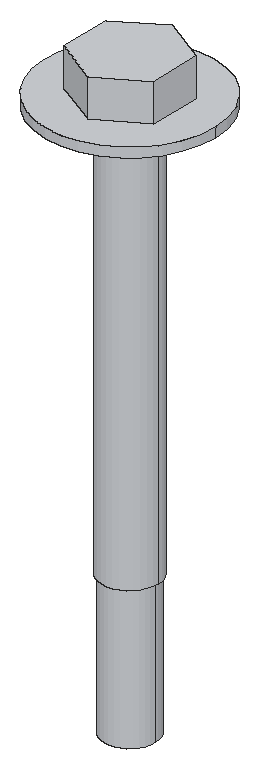
Revit family "Generic ISO Metric Bolt", category Allgemeines Modell, Revit 2022
Family settings
  Kann Basisbauteil für Bewehrung sein = Nein
  Bemaßung runder Anschluss = Durchmesser verwenden
  Teiletyp = Normal
  Arbeitsebenenbasiert = Ja
  Immer vertikal = Nein
  Beim Laden mit Abzugskörper schneiden = Nein
  Beschriftungsausrichtung beibehalten = Nein
  Gemeinsam genutzt = Nein
  Raumberechnungspunkt = Nein
Parameters
  Default Elevation = 1219.2 mm
  URL = "https://www.b-tu.de/en/fg-kommunikationstechnik/team/staff/prof-dr-ing-habil-matthias-wolff"
  Thread Material = none
  Shank = yes
  Nominal Diameter = 12 mm
  Material = none
  Length = 120 mm
  Large Washer [instance] = yes
  Hersteller = "Matthias Wolff"  # constant formula
  Grip = 1 = 0  # no
  Beschreibung = "ISO metric bolt with washer and hex cap"  # constant formula
Reference planes
  plane 1 "Mitte (Vorne/hinten)": y = 0
  plane 2: z = 0
  plane 3 "Mitte (Links/rechts)": x = 0
Dimensions and locks
  nested 1 to nested 1 = 120 mm
  nested 1 to nested 1 = 19 mm
  nested 1 to nested 1 = 12 mm
  aligned and locked: level to plane 2
  aligned and locked: plane 1 "Mitte (Vorne/hinten)" to nested 1
  aligned and locked: nested 1 to plane 2
Nested families
  nested 1: "Generic ISO Metric Bolt Assembly Geometry" at (0, 0, 0), type "generic"
Definition of nested family "Generic ISO Metric Bolt Assembly Geometry"
  Parameters (values of type "generic")
    pg2l = if(LG < 23 mm, 2, if(LG < 100 mm, 5, 10))  # 10
    cu = round((0.1453 * (D / 1 mm) + 0.3479) * pu) / pu * 1 mm  # 2 mm
    cdu3 = 3 * D + round(0) * 1 mm  # 36 mm
    u = cu  # 2 mm
    cdu2 = round(1.8508 * D / 1 mm + 0.7401) * 1 mm  # 23 mm
    cdu1 = if(D < 11 mm, round(10 * 1.0382 * D / 1 mm + 0.1206) / 10 * 1 mm, D + 1 mm)  # 13 mm
    tabG2L = "ISO Metric Bolt Assembly -- Grip to Length"  # constant formula
    s = size_lookup(tabMGeo, "s", cs, D)  # 19 mm
    ck = round(2 * (0.6216 * D / 1 mm + 0.2961)) / 2 * 1 mm  # 8 mm
    g2l = size_lookup(tabG2L, "l", LG + 2 * u + 2 * k, D, round(LG / 1 mm / pg2l) * pg2l * 1 mm)  # 140 mm
    pu = if(D < 10 mm, 10, if(D < 16 mm, 2, 1))  # 2
    pP = if(D < 6 mm, 10, if(D < 14 mm, 4, 2))  # 4
    cd2 = D - 3 * sqrt(3) / 8 * P  # 10.863 mm
    cb4 = 2 * D + 25 mm + round(0) * 1 mm  # 49 mm
    cb3 = 2 * D + 12 mm + round(0) * 1 mm  # 36 mm
    cb2 = 2 * D + 6 mm + round(0) * 1 mm  # 30 mm
    cb = if(Shank, if(l < 125 mm, cb2, if(l < 200 mm, cb3, cb4)), l - ca)  # 36 mm
    ca = round(2 * (0.7122 * (D / 1 mm) ^ 0.7822)) / 2 * 1 mm  # 5 mm
    Default Elevation = 0 mm
    cP = round(0.2365 * (D / 1 mm) ^ 0.7831 * pP) / pP * 1 mm  # 1.75 mm
    URL = "https://www.b-tu.de/en/fg-kommunikationstechnik/team/staff/prof-dr-ing-habil-matthias-wolff"
    P = size_lookup(tabMGeo, "P", cP, D)  # 1.75 mm
    Large Washers = yes
    LG = 120 mm
    cH = sqrt(3) / 2 * P  # 1.516 mm
    Manufacturer = "Matthias Wolff"  # constant formula
    D = 12 mm
    ru1 = cdu1 / 2  # 6.5 mm
    R = D / 2 + round(0) * 1 mm  # 6 mm
    tabMGeo = "ISO Metric Screw Thread"  # constant formula
    g = LG + round(0) * 1 mm  # 120 mm
    cs = round(1.5095 * D / 1 mm + 0.6456) * 1 mm  # 19 mm
    Grip = yes
    Thread Material = none
    Material = none
    l = if(Grip, g2l, LG)  # 140 mm
    r2 = cd2 / 2  # 5.432 mm
    k = size_lookup(tabMGeo, "k", ck, D)  # 8 mm
    ru2 = if(Large Washers, cdu3 / 2, cdu2 / 2)  # 18 mm
    Shank = yes
    Description = "Geometry of an ISO metric bolt assembly with washers and hex cap and nut"  # constant formula
  Reference planes
    plane 1 "Mitte (Vorne/hinten)": y = 0
    plane 2 "Reference plane": z = 0
    plane 3 "Mitte (Links/rechts)": x = 0
    plane 4 "Head bottom": z = 2
    plane 5 "Head top": z = 10
    plane 6 "Lower washer top": z = -120
    plane 7 "Nut top": z = -122
    plane 8 "Nut bottom": z = -130
    plane 9 "Bolt bottom": z = -138
    plane 10 "Shank end": z = -102
    plane 11 "ru1": x = 6.5
    plane 12 "ru2": x = 18
    plane 13 "R": x = 6
    plane 14 "r2": x = 5.432
    plane 15 "Simplified bolt end": z = -138
  Forms (mm)
    Sweep 1, solid, material <- "Material", detail levels medium+fine
      path origin (0, 0, 0) x (1, 0, 0) y (0, 0, 1)
        loop
          line (0, 2) -> (0, 10)
      profile "Hexagonal Profile : generic" origin (0, 0, 6) x (-1, 0, 0) y (0, -1, 0)
        loop
          line (-9.5, 5.485) -> (-9.5, -5.485) -> (0, -10.97) -> (9.5, -5.485) -> (9.5, 5.485) -> (0, 10.97) -> (-9.5, 5.485)
    Sweep 2, solid, material <- "Material", visible <- "Grip", detail levels medium+fine
      path origin (0, 0, -109.5) x (1, 0, 0) y (0, 0, 1)
        loop
          line (0, -20.5) -> (0, -12.5)
      profile "Hexagonal Profile : generic" origin (0, 0, -126) x (-1, 0, 0) y (0, -1, 0)
        loop
          line (-9.5, 5.485) -> (-9.5, -5.485) -> (0, -10.97) -> (9.5, -5.485) -> (9.5, 5.485) -> (0, 10.97) -> (-9.5, 5.485)
    Extrusion 3, void
      sketch origin (0, 0, 0) x (1, 0, 0) y (0, 1, 0)
        loop
          circle (0, 0) r 5.432
      from -130 to -122
    Extrusion 4, solid, material <- "Material", detail levels medium+fine
      sketch origin (0, 0, 0) x (1, 0, 0) y (0, 1, 0)
        loop
          circle (0, 0) r 18
        loop
          circle (0, 0) r 6.5
      from 0 to 2
    Extrusion 5, solid, material <- "Material", visible <- "Grip", detail levels medium+fine
      sketch origin (0, 0, 0) x (1, 0, 0) y (0, 1, 0)
        loop
          circle (0, 0) r 18
        loop
          circle (0, 0) r 6.5
      from -122 to -120
    Extrusion 6, solid, material <- "Material", detail levels fine
      sketch origin (0, 0, 0) x (1, 0, 0) y (0, 1, 0)
        loop
          circle (0, 0) r 6
      from -102 to 2
    Extrusion 7, solid, material <- "Thread Material", detail levels fine
      sketch origin (0, 0, 0) x (1, 0, 0) y (0, 1, 0)
        loop
          circle (0, 0) r 5.432
      from -138 to -102
    Extrusion 8, solid, material <- "Material", visible <- "Grip", detail levels medium
      sketch origin (0, 0, 0) x (1, 0, 0) y (0, 1, 0)
        loop
          circle (0, 0) r 5.432
      from -138 to -122
  Cuts and joins
    Extrusion 3 cuts Sweep 1
    Extrusion 3 cuts Sweep 2
  Dimensions and locks
    "u": plane 4 "Head bottom" to plane 2 "Reference plane"
    "k": plane 5 "Head top" to plane 4 "Head bottom"
    "g": plane 2 "Reference plane" to plane 6 "Lower washer top"
    "u": plane 6 "Lower washer top" to plane 7 "Nut top"
    "k": plane 7 "Nut top" to plane 8 "Nut bottom"
    "l": plane 4 "Head bottom" to plane 9 "Bolt bottom"
    "cb": plane 10 "Shank end" to plane 9 "Bolt bottom"
    "ru1": plane 11 "ru1" to plane 3 "Mitte (Links/rechts)"
    "ru2": plane 12 "ru2" to plane 3 "Mitte (Links/rechts)"
    "R": plane 13 "R" to plane 3 "Mitte (Links/rechts)"
    "r2": plane 14 "r2" to plane 3 "Mitte (Links/rechts)"
    "k": plane 8 "Nut bottom" to plane 15 "Simplified bolt end"
    "r2": radius of Extrusion 3 sketch curve
    "ru2": radius of Extrusion 4 sketch curve
    "ru1": radius of Extrusion 4 sketch curve
    "ru2": radius of Extrusion 5 sketch curve
    "ru1": radius of Extrusion 5 sketch curve
    "R": radius of Extrusion 6 sketch curve
    "r2": radius of Extrusion 7 sketch curve
    "r2": radius of Extrusion 8 sketch curve
    aligned and locked: plane 3 "Mitte (Links/rechts)" to Sweep 1 sketch curve
    aligned and locked: plane 5 "Head top" to Sweep 1 sketch curve
    aligned and locked: plane 3 "Mitte (Links/rechts)" to Extrusion 3 sketch curve
    aligned and locked: plane 1 "Mitte (Vorne/hinten)" to Extrusion 3 sketch curve
    aligned and locked: Extrusion 3 to plane 8 "Nut bottom"
    aligned and locked: plane 7 "Nut top" to Extrusion 3
    aligned and locked: plane 7 "Nut top" to cut or joined group of Sweep 2, Extrusion 3
    aligned and locked: plane 8 "Nut bottom" to Sweep 2 sketch curve
    aligned and locked: plane 4 "Head bottom" to cut or joined group of Sweep 1, Extrusion 3
    aligned and locked: plane 5 "Head top" to cut or joined group of Sweep 1, Extrusion 3
    aligned and locked: plane 8 "Nut bottom" to cut or joined group of Sweep 2, Extrusion 3
    aligned and locked: level to plane 2 "Reference plane"
    aligned and locked: plane 3 "Mitte (Links/rechts)" to Extrusion 4 sketch curve  (x2)
    aligned and locked: plane 1 "Mitte (Vorne/hinten)" to Extrusion 4 sketch curve  (x2)
    aligned and locked: plane 4 "Head bottom" to Extrusion 4
    aligned and locked: Extrusion 4 to plane 2 "Reference plane"
    aligned and locked: plane 3 "Mitte (Links/rechts)" to Extrusion 5 sketch curve  (x2)
    aligned and locked: plane 1 "Mitte (Vorne/hinten)" to Extrusion 5 sketch curve  (x2)
    aligned and locked: plane 6 "Lower washer top" to Extrusion 5
    aligned and locked: Extrusion 5 to plane 7 "Nut top"
    aligned and locked: plane 1 "Mitte (Vorne/hinten)" to Extrusion 6 sketch curve
    aligned and locked: plane 3 "Mitte (Links/rechts)" to Extrusion 6 sketch curve
    aligned and locked: plane 4 "Head bottom" to Extrusion 6
    aligned and locked: Extrusion 6 to plane 10 "Shank end"
    aligned and locked: plane 3 "Mitte (Links/rechts)" to Extrusion 7 sketch curve
    aligned and locked: plane 1 "Mitte (Vorne/hinten)" to Extrusion 7 sketch curve
    aligned and locked: plane 10 "Shank end" to Extrusion 7
    aligned and locked: Extrusion 7 to plane 9 "Bolt bottom"
    aligned and locked: plane 1 "Mitte (Vorne/hinten)" to Extrusion 8 sketch curve
    aligned and locked: Extrusion 8 to plane 15 "Simplified bolt end"
    aligned and locked: plane 7 "Nut top" to Extrusion 8
  Automatic sketch dimensions
    Sweep 1 sketch curve to plane 4 "Head bottom" = 0 mm
    Sweep 2 sketch curve to plane 3 "Mitte (Links/rechts)" = 0 mm
    Sweep 2 sketch curve to plane 7 "Nut top" = 0 mm
    Extrusion 8 sketch curve to plane 3 "Mitte (Links/rechts)" = 0 mm
